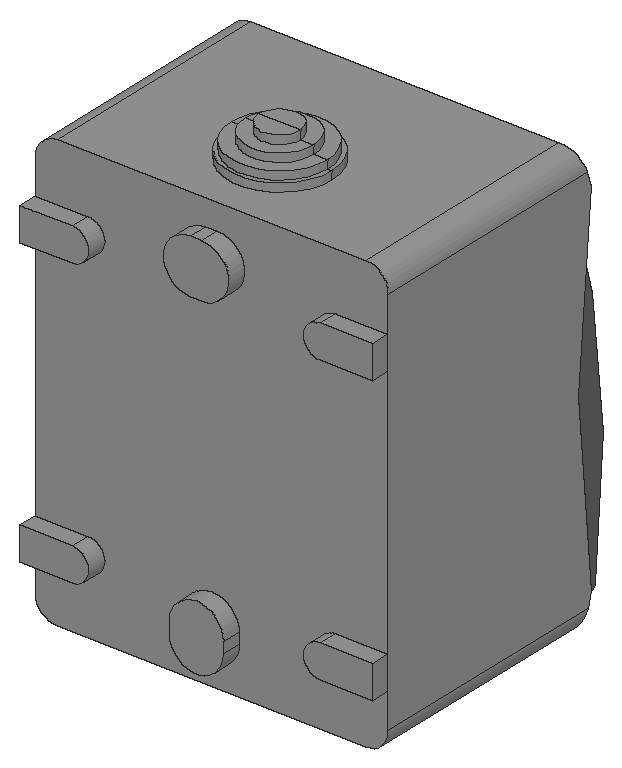
Revit family "IEK_Выключатель_ОткрытойУстановки_С Инд 10А одноклавишный IP54_ФОРС", category Выключатели, Revit 2019
Family settings
  Сохранять ориентацию аннотаций = Да
  Размер круглого соединителя = Использовать диаметр
  Тип детали = Переключатель
  На основе рабочей плоскости = Нет
  Всегда вертикально = Да
  При загрузке вырезать с полостями = Нет
  Общий = Нет
  Точка расчета площади = Нет
Parameters (values of type "ВС20-1-1-ФСр")
  Ширина = 65 mm  # constant formula
  Тип монтажа = "Поверхность монтажа (открытая установка)"  # constant formula
  Степень защиты = "IP54"  # constant formula
  Материал крышки = RAL 9004
  Изготовитель = "IEK"  # constant formula
  Дата изменения = ""
  Глубина = 55 mm  # constant formula
  Высота = 92 mm  # constant formula
  ΔХ [instance] = 2000 mm
  ΔY [instance] = 2000 mm
  KSI_CPr_Строительные изделия = "20.4.01"  # constant formula
  KSI_CMa_Строительные материалы = "01.7.14.03"  # constant formula
  IEK_Цена за единицу = 429.28
  IEK_Поиск в таблице имен = ""
  IEK_Описание = "Выключатели и розетки серии «ФОРС» IP54 для открытой установки предназначены для помещений с повышенной влажностью и запыленностью: подвалов, гаражей, мастерских. Дизайн розеток и выключателей данной серии идеально впишется в интерьер промышленных предприятий."
  IEK_URL = "https://www.iek.ru/products/catalog/izdeliya_elektroustanovochnye_udliniteli_i_silovye_razemy/elektroustanovochnye_izdeliya/elektroustanovochnye_izdeliya_otkrytogo_montazha_ip44_ip54/elektroustanovochnye_izdeliya_fors/vyklyuchatel_1_klavishnyy_dlya_otkrytoy_ustanovki_s_indikatsiey_vs20_1_1_fsr_fors_ip54_iek"
  ADSK_Ток [instance] = 10 A  # constant formula
  ADSK_Примечание = ""
  ADSK_Полная мощность [instance] = ADSK_Номинальная мощность / ADSK_Коэффициент мощности  # 2200 VA
  ADSK_Позиция [instance] = ""
  ADSK_Номинальная мощность [instance] = ADSK_Ток * ADSK_Напряжение * sqrt(ADSK_Количество фаз числовое) * ADSK_Коэффициент мощности  # 2200 W
  ADSK_Напряжение = 220 V
  ADSK_Наименование = "Выключатель 1-клавишный для открытой установки с индикацией ВС20-1-1-ФСр ФОРС IP54 IEK"
  ADSK_Материал обозначение = ""
  ADSK_Материал наименование = "Пластик"  # constant formula
  ADSK_Материал = Окраска - RAL 7035
  ADSK_Масса = 0.09
  ADSK_Марка = "ФОРС"  # constant formula
  ADSK_Коэффициент мощности [instance] = 1  # constant formula
  ADSK_Количество фаз числовое = 1
  ADSK_Количество фаз = 1
  ADSK_Код изделия = "EVS11-K03-10-54-DC"
  ADSK_Классификация нагрузок [instance] = Прочее
  ADSK_Завод-изготовитель = "IEK"  # constant formula
  ADSK_Единица измерения = "шт"  # constant formula
  ADSK_Группирование = "III ЭЛЕКТРОУСТАНОВОЧНЫЕ И ЭЛЕКТРОМОНТАЖНЫЕ ИЗДЕЛИЯ"  # constant formula
  ADSK_Версия семейства = "1.0"  # constant formula
  ADSK_Версия Revit = "2019"  # constant formula
  ADSK_URL страницы изделия = "https://www.iek.ru/products/catalog/izdeliya_elektroustanovochnye_udliniteli_i_silovye_razemy/elektroustanovochnye_izdeliya/elektroustanovochnye_izdeliya_otkrytogo_montazha_ip44_ip54/elektroustanovochnye_izdeliya_fors/"
Reference planes
  plane 1 "По центру (Вперед/Назад)": y = 0
  plane 2: z = 0
  plane 3 "По центру (Влево/Вправо)": x = 0
  plane 4 "Высота ножек": z = 280
  plane 5 "Высота": z = 2081.496
  plane 6: x = -2000
  plane 7: y = 2000
  plane 8: z = 46
Forms (mm)
  Extrusion 1, solid, detail levels coarse
    sketch origin (5.5, 24, 0) x (1, 0, 0) y (0, 1, 0)
      loop
        line (-38, -24) -> (27, -24) -> (27, 31) -> (-38, 31) -> (-38, -24)
    from 0 to 92
  Extrusion 2, solid, detail levels medium
    sketch origin (-5.5, 24, 0) x (1, 0, 0) y (0, 1, 0)
      loop
        line (-27, 31) -> (-27, -24) -> (38, -24) -> (38, 31) -> (-27, 31)
    from 0 to 92
  Extrusion 3, solid, material "Окраска - RAL 7035" <- "ADSK_Материал", detail levels fine
    sketch origin (0, 0, 45.5) x (1, 0, 0) y (0, 0, -1)
      loop
        line (-32, 35.5) -> (-32, -35.45)
        arc (-32, -35.45) -> (-30.814, -38.314) -> (-27.95, -39.5) r 4.05
        line (-27.95, -39.5) -> (28, -39.5)
        arc (28, -39.5) -> (30.828, -38.328) -> (32, -35.5) r 4
        line (32, -35.5) -> (32, 35.5)
        arc (32, 35.5) -> (30.828, 38.328) -> (28, 39.5) r 4
        line (28, 39.5) -> (-28, 39.5)
        arc (-28, 39.5) -> (-30.828, 38.328) -> (-32, 35.5) r 4
    from 3.5 to 50.392
  Extrusion 4, void
    sketch origin (0, 0, 32.4) x (1, 0, 0) y (0, 0, -1)
      loop
        line (-30.2, 22.4) -> (-30.2, -48.6)
        arc (-30.2, -48.6) -> (-29.556, -50.156) -> (-28, -50.8) r 2.2
        line (-28, -50.8) -> (28, -50.8)
        arc (28, -50.8) -> (29.556, -50.156) -> (30.2, -48.6) r 2.2
        line (30.2, -48.6) -> (30.2, 22.4)
        arc (30.2, 22.4) -> (29.556, 23.956) -> (28, 24.6) r 2.2
        line (28, 24.6) -> (-28, 24.6)
        arc (-28, 24.6) -> (-29.556, 23.956) -> (-30.2, 22.4) r 2.2
    from 39.3 to 50.392
  Extrusion 5, solid, material "Окраска - RAL 7035" <- "ADSK_Материал", detail levels fine
    sketch origin (0, 0, 45.5) x (1, 0, 0) y (0, 0, -1)
      loop
        line (-32, 23) -> (-22.5, 23)
        arc (-22.5, 23) -> (-19.5, 26) -> (-22.5, 29) r 3
        line (-22.5, 29) -> (-32, 29) -> (-32, 23)
      loop
        line (32, 23) -> (32, 29) -> (22.5, 29)
        arc (22.5, 29) -> (19.5, 26) -> (22.5, 23) r 3
        line (22.5, 23) -> (32, 23)
      loop
        line (-32, -23) -> (-32, -29) -> (-22.5, -29)
        arc (-22.5, -29) -> (-19.5, -26) -> (-22.5, -23) r 3
        line (-22.5, -23) -> (-32, -23)
      loop
        line (32, -23) -> (22.5, -23)
        arc (22.5, -23) -> (19.5, -26) -> (22.5, -29) r 3
        line (22.5, -29) -> (32, -29) -> (32, -23)
      loop
        arc (1, -34.9) -> (5.9, -30) -> (1, -25.1) r 4.9
        line (1, -25.1) -> (-1, -25.1)
        arc (-1, -25.1) -> (-5.9, -30) -> (-1, -34.9) r 4.9
        line (-1, -34.9) -> (1, -34.9)
      loop
        line (-4.9, 31) -> (-4.9, 29)
        arc (-4.9, 29) -> (0, 24.1) -> (4.9, 29) r 4.9
        line (4.9, 29) -> (4.9, 31)
        arc (4.9, 31) -> (0, 35.9) -> (-4.9, 31) r 4.9
    from 0 to 3.5
  Revolve 6, solid, material "Окраска - RAL 7035" <- "ADSK_Материал", detail levels fine
    sketch origin (0, 18.905, 4617.5) x (-1, 0, 0) y (0, 0, 1)
      loop
        line (0, -4526.5) -> (0, -4532.5) -> (9.541, -4532.5) -> (9.541, -4531) -> (8.75, -4531) -> (8.75, -4529.5) -> (6.25, -4529.5) -> (6.25, -4528) -> (3.75, -4528) -> (3.75, -4526.5) -> (0, -4526.5)
      loop
        line (0, -4617.5) -> (3.75, -4617.5) -> (3.75, -4616) -> (6.25, -4616) -> (6.25, -4614.5) -> (8.75, -4614.5) -> (8.75, -4613) -> (9.541, -4613) -> (9.541, -4611.5) -> (0, -4611.5) -> (0, -4617.5)
      axis (0, -4617.5) -> (0, -4526.5)
    angle from 0 to 360
  Extrusion 7, void
    sketch origin (0, 0, 45.5) x (0, 0, -1) y (0, 1, 0)
      loop
        line (39.5, 47.287) -> (39.5, 51.998) -> (-39.5, 51.998) -> (-39.5, 47.287) -> (-33.021, 49.493)
        arc (-33.021, 49.493) -> (0.067, 46.452) -> (33.15, 49.537) r 180.205
        arc (33.15, 49.537) -> (36.341, 48.456) -> (39.5, 47.287) r 121.61
    from -32 to 32
  Extrusion 8, solid, material "RAL 9004" <- "Материал крышки", detail levels fine
    sketch origin (0, 0, -54.575) x (0, 0, -1) y (0, 1, 0)
      loop
        line (-136.6, 39.3) -> (-63.59, 39.3) -> (-63.59, 46.629) -> (-64.398, 53.299)
        arc (-64.398, 53.299) -> (-64.651, 53.912) -> (-65.264, 54.166) r 0.867
        arc (-65.264, 54.166) -> (-101.053, 55.2) -> (-135.915, 47.044) r 138.769
        arc (-135.915, 47.044) -> (-136.396, 46.68) -> (-136.6, 46.112) r 1.059
        line (-136.6, 46.112) -> (-136.6, 39.3)
    from -29 to 29
  Extrusion 9, solid, material "Стекло красное", detail levels fine
    sketch origin (-0.148, 3.59, 24.352) x (1, 0, 0) y (0, 0.207912, -0.978148)
      loop
        arc (-4.861, -30.336) -> (-7.983, -33.459) -> (-4.861, -36.581) r 3.122
        line (-4.861, -36.581) -> (5.157, -36.581)
        arc (5.157, -36.581) -> (8.28, -33.459) -> (5.157, -30.336) r 3.122
        line (5.157, -30.336) -> (-4.861, -30.336)
    from 53.998 to 55.96
Cuts and joins
  Extrusion 4, Extrusion 7 cuts Extrusion 3
Lines and regions (mm)
  reference lines
    curve 1: line (0, 44.647, 0) -> (0, -55.353, 0)
    curve 2: line (-23.829, 0, 0) -> (76.171, 0, 0)
Dimensions and locks
  locked: plane 4 "Высота ножек" to plane 2 at 280
  plane 5 "Высота" to plane 4 "Высота ножек" = 1801.496 mm
  "ΔХ": plane 6 to curve 1
  "ΔY": plane 7 to curve 2
  aligned and locked: level to plane 2
  aligned and locked: curve 2 to nested 1
  aligned and locked: nested 1 to curve 1
Automatic sketch dimensions
  plane 1 "По центру (Вперед/Назад)" to Extrusion 1 sketch curve = 0 mm
  Extrusion 1 sketch curve to plane 3 "По центру (Влево/Вправо)" = 32.5 mm
  plane 3 "По центру (Влево/Вправо)" to Extrusion 1 sketch curve = 32.5 mm
  Extrusion 1 sketch curve to Extrusion 1 sketch curve = 55 mm
  plane 1 "По центру (Вперед/Назад)" to Extrusion 2 sketch curve = 0 mm
  Extrusion 2 sketch curve to plane 3 "По центру (Влево/Вправо)" = 32.5 mm
  plane 3 "По центру (Влево/Вправо)" to Extrusion 2 sketch curve = 32.5 mm
  Extrusion 2 sketch curve to Extrusion 2 sketch curve = 55 mm
  level to Extrusion 3 sketch curve = 10 mm  (x2)
  Extrusion 3 sketch curve to plane 3 "По центру (Влево/Вправо)" = 32 mm
  Extrusion 3 sketch curve to Extrusion 3 sketch curve = 4 mm
  Extrusion 3 sketch curve to Extrusion 3 sketch curve = 4.05 mm
  plane 3 "По центру (Влево/Вправо)" to Extrusion 3 sketch curve = 28 mm  (x2)
  Extrusion 3 sketch curve to plane 8 = 34.95 mm
  level to Extrusion 4 sketch curve = 10 mm  (x2)
  Extrusion 4 sketch curve to plane 3 "По центру (Влево/Вправо)" = 30.2 mm
  Extrusion 4 sketch curve to Extrusion 4 sketch curve = 2.2 mm  (x2)
  plane 3 "По центру (Влево/Вправо)" to Extrusion 4 sketch curve = 28 mm  (x2)
  Extrusion 4 sketch curve to plane 8 = 35 mm
  Extrusion 5 sketch curve to plane 3 "По центру (Влево/Вправо)" = 0 mm
  Extrusion 5 sketch curve to plane 3 "По центру (Влево/Вправо)" = 1 mm
  Extrusion 5 sketch curve to plane 3 "По центру (Влево/Вправо)" = 4.9 mm
  Extrusion 5 sketch curve to Extrusion 5 sketch curve = 21.5 mm  (x2)
  Extrusion 5 sketch curve to Extrusion 5 sketch curve = 17.6 mm  (x2)
  Extrusion 5 sketch curve to Extrusion 5 sketch curve = 9.5 mm  (x4)
  plane 3 "По центру (Влево/Вправо)" to Extrusion 5 sketch curve = 1 mm
  Extrusion 5 sketch curve to plane 8 = 34.4 mm
  Extrusion 5 sketch curve to Extrusion 5 sketch curve = 4.9 mm
  Extrusion 5 sketch curve to Extrusion 5 sketch curve = 1 mm
  Extrusion 5 sketch curve to plane 8 = 28.5 mm
  Extrusion 5 sketch curve to Extrusion 5 sketch curve = 3 mm  (x4)
  level to Extrusion 5 sketch curve = 22.5 mm  (x2)
  level to Extrusion 5 sketch curve = 16.5 mm
  Extrusion 5 sketch curve to Extrusion 5 sketch curve = 2 mm
  Revolve 6 sketch curve to plane 3 "По центру (Влево/Вправо)" = 0 mm  (x3)
  Revolve 6 sketch curve to level = 0 mm
  Revolve 6 sketch curve to plane 3 "По центру (Влево/Вправо)" = 3.75 mm  (x2)
  level to Revolve 6 sketch curve = 1.5 mm
  Revolve 6 sketch curve to Revolve 6 sketch curve = 2.5 mm  (x4)
  Revolve 6 sketch curve to Revolve 6 sketch curve = 0.791 mm  (x2)
  Revolve 6 sketch curve to Revolve 6 sketch curve = 1.5 mm  (x6)
  Revolve 6 sketch curve to Revolve 6 sketch curve = 4.5 mm
  Revolve 6 sketch curve to plane 8 = 39 mm
  Revolve 6 sketch curve to level = 1478.5 mm
  Revolve 6 sketch curve to plane 5 "Высота" = 511.996 mm
  Extrusion 7 sketch curve to plane 8 = 39 mm
  Extrusion 7 sketch curve to Extrusion 7 sketch curve = 6.479 mm
  Extrusion 7 sketch curve to plane 8 = 3.778 mm
  plane 8 to Extrusion 7 sketch curve = 0.446 mm
  level to Extrusion 7 sketch curve = 6 mm
  plane 1 "По центру (Вперед/Назад)" to Extrusion 7 sketch curve = 66.17 mm
  Extrusion 7 sketch curve to plane 1 "По центру (Вперед/Назад)" = 47.287 mm  (x2)
  Extrusion 7 sketch curve to Extrusion 7 sketch curve = 2.206 mm
  Extrusion 7 sketch curve to Extrusion 7 sketch curve = 4.711 mm
  Extrusion 7 sketch curve to Extrusion 7 sketch curve = 174.659 mm
  Extrusion 8 sketch curve to plane 8 = 36.025 mm
  Extrusion 8 sketch curve to Extrusion 8 sketch curve = 1.058 mm
  plane 8 to Extrusion 8 sketch curve = 13.441 mm
  level to Extrusion 8 sketch curve = 10.689 mm
  Extrusion 8 sketch curve to Extrusion 8 sketch curve = 0.867 mm
  Extrusion 8 sketch curve to Extrusion 8 sketch curve = 0.808 mm
  plane 1 "По центру (Вперед/Назад)" to Extrusion 8 sketch curve = 82.869 mm
  Extrusion 8 sketch curve to plane 1 "По центру (Вперед/Назад)" = 39.3 mm
  Extrusion 8 sketch curve to Extrusion 8 sketch curve = 6.752 mm
  Extrusion 8 sketch curve to Extrusion 8 sketch curve = 0.061 mm
  Extrusion 8 sketch curve to Extrusion 8 sketch curve = 7.329 mm
  Extrusion 8 sketch curve to Extrusion 8 sketch curve = 6.67 mm
  Extrusion 9 sketch curve to plane 3 "По центру (Влево/Вправо)" = 5.009 mm
  plane 3 "По центру (Влево/Вправо)" to Extrusion 9 sketch curve = 5.009 mm
  Extrusion 9 sketch curve to Extrusion 9 sketch curve = 3.122 mm
  curve 2 to plane 3 "По центру (Влево/Вправо)" = 23.829 mm
  plane 3 "По центру (Влево/Вправо)" to curve 2 = 76.171 mm
  plane 1 "По центру (Вперед/Назад)" to curve 1 = 55.353 mm
  curve 1 to plane 1 "По центру (Вперед/Назад)" = 44.647 mm
Nested families
  nested 1: "УГО Выключателя" at (0, 0, 0), type "1K-O", detail levels coarse+medium
    with IP44 yes
Connectors
  electrical at (0, 0, 46), driven by "ADSK_Количество фаз", driven by "ADSK_Классификация нагрузок", driven by "ADSK_Напряжение", driven by "ADSK_Полная мощность", driven by "ADSK_Коэффициент мощности"
    settings: on Extrusion 1, index 1, voltage 220 V, apparent load 0 VA, apparent load phase1 2200 VA, apparent load phase2 0 VA, apparent load phase3 0 VA, power factor 1, load classification "Прочее", number of poles 1, system type 31, power factor state 1, is connector primary yes, connector utility no, sub classification motor no, connector description ""
Definition of nested family "УГО Выключателя"
  Parameters (values of type "3K-O")
    IP44 [instance] = no
    3K-C = no
    2K-C = no
    1K-C = no
    3K-O = yes
    2K-O = no
    1K-O = no
  Types (6, lengths in mm): name | 3K-C | 2K-C | 1K-C | 3K-O | 2K-O | 1K-O
    2K-O | no | no | no | no | yes | no
    3K-O | no | no | no | yes | no | no
    2K-C | no | yes | no | no | no | no
    1K-O | no | no | no | no | no | yes
    1K-C | no | no | yes | no | no | no
    3K-C | yes | no | no | no | no | no
  Reference planes
    plane 1: y = 0
    plane 2: x = 0
  Lines and regions (mm)
    Filled region 1, type "Цветовая область 1", visible <- "IP44", not visible
      outline origin (0, 0, 0) x (1, 0, 0) y (0, 1, 0)
        loop
          circle (0, 2.214) r 0.994
    Filled region 2, type "Цветовая область 1", visible <- "IP44", not visible
      outline origin (-1.562, 0, 0) x (1, 0, 0) y (0, 1, 0)
        loop
          circle (11.009, 9.276) r 0.994
    Filled region 3, type "Цветовая область 1", visible <- "IP44", not visible
      outline origin (-1.562, 0, 0) x (1, 0, 0) y (0, 1, 0)
        loop
          circle (23.521, 9.279) r 0.994
    Filled region 4, type "Цветовая область 1", visible <- "IP44", not visible
      outline origin (0, 0, 0) x (1, 0, 0) y (0, 1, 0)
        loop
          circle (28.604, 9.279) r 0.994
    Filled region 5, type "Цветовая область 1", visible <- "IP44", not visible
      outline origin (0, 0, 0) x (1, 0, 0) y (0, 1, 0)
        loop
          circle (32.789, 9.279) r 0.994
    Filled region 6, type "Цветовая область 1", visible <- "IP44"
      outline origin (0, 0, 0) x (1, 0, 0) y (0, 1, 0)
        loop
          circle (0.006, 0.994) r 0.994
    Filled region 7, type "Цветовая область 1", visible <- "IP44"
      outline origin (0, 0, 0) x (1, 0, 0) y (0, 1, 0)
        loop
          circle (0.006, 0.994) r 0.994
    Filled region 8, type "Цветовая область 1", visible <- "IP44"
      outline origin (-1.562, 0, 0) x (1, 0, 0) y (0, 1, 0)
        loop
          circle (1.569, 0.994) r 0.994
    Filled region 9, type "Цветовая область 1", visible <- "IP44"
      outline origin (0, 0, 0) x (1, 0, 0) y (0, 1, 0)
        loop
          circle (0.006, 0.994) r 0.994
    Filled region 10, type "Цветовая область 1", visible <- "IP44", not visible
      outline origin (0, 0, 0) x (1, 0, 0) y (0, 1, 0)
        loop
          circle (15.057, 15.33) r 0.994
    Filled region 11, type "Цветовая область 1", visible <- "IP44"
      outline origin (-1.562, 0, 0) x (1, 0, 0) y (0, 1, 0)
        loop
          circle (1.569, 0.994) r 0.994
    Filled region 12, type "Цветовая область 1", visible <- "IP44"
      outline origin (0, 0, 0) x (1, 0, 0) y (0, 1, 0)
        loop
          circle (0.006, 0.994) r 0.994
    detail lines, visible <- "3K-O", not visible
      curve 1: line (0.86, 2.711, 0) -> (3.031, 3.964, 0)
      curve 2: line (0.639, 2.975, 0) -> (2.25, 4.895, 0)
      curve 3: line (0.323, 3.154, 0) -> (1.139, 5.524, 0)
      curve 4: circle (0, 2.214, 0) r 0.994 normal (0, 0, 1)
      curve 5: line (3.031, 3.964, 0) -> (3.431, 3.272, 0)
      curve 6: line (2.25, 4.895, 0) -> (2.863, 4.381, 0)
      curve 7: line (1.139, 5.524, 0) -> (1.896, 5.263, 0)
    detail lines, visible <- "2K-O", not visible
      curve 8: line (10.196, 9.928, 0) -> (12.088, 11.572, 0)
      curve 9: line (9.928, 10.145, 0) -> (11.143, 12.337, 0)
      curve 10: circle (9.446, 9.276, 0) r 0.994 normal (0, 0, 1)
      curve 11: line (12.088, 11.572, 0) -> (12.613, 10.968, 0)
      curve 12: line (11.143, 12.337, 0) -> (11.843, 11.949, 0)
    detail lines, visible <- "1K-O", not visible
      curve 13: line (15.627, 16.144, 0) -> (17.201, 18.393, 0)
      curve 14: circle (15.057, 15.33, 0) r 0.994 normal (0, 0, 1)
      curve 15: line (17.201, 18.393, 0) -> (17.857, 17.934, 0)
    detail lines, visible <- "3K-C", not visible
      curve 16: line (22.819, 9.775, 0) -> (24.99, 11.029, 0)
      curve 17: line (22.597, 10.04, 0) -> (24.208, 11.96, 0)
      curve 18: line (22.282, 10.218, 0) -> (23.098, 12.588, 0)
      curve 19: circle (21.958, 9.279, 0) r 0.994 normal (0, 0, 1)
      curve 20: line (24.765, 11.418, 0) -> (25.215, 10.639, 0)
      curve 21: line (23.863, 12.249, 0) -> (24.553, 11.67, 0)
      curve 22: line (22.672, 12.734, 0) -> (23.523, 12.441, 0)
    detail lines, visible <- "2K-C", not visible
      curve 23: line (29.354, 9.93, 0) -> (31.246, 11.575, 0)
      curve 24: line (29.086, 10.148, 0) -> (30.301, 12.34, 0)
      curve 25: circle (28.604, 9.279, 0) r 0.994 normal (0, 0, 1)
      curve 26: line (30.951, 11.914, 0) -> (31.541, 11.235, 0)
      curve 27: line (29.908, 12.558, 0) -> (30.695, 12.122, 0)
    detail lines, visible <- "1K-C", not visible
      curve 28: line (33.359, 10.092, 0) -> (34.797, 12.146, 0)
      curve 29: circle (32.789, 9.279, 0) r 0.994 normal (0, 0, 1)
      curve 30: line (34.428, 12.404, 0) -> (35.165, 11.887, 0)
    detail lines
      curve 31: line (0.006, 0, 0) -> (0.006, 2.454, 0)
      curve 32: line (0.006, 0, 0) -> (2.217, 0, 0)
    detail lines, visible <- "1K-C"
      curve 33: line (0.576, 1.808, 0) -> (2.014, 3.861, 0)
      curve 34: circle (0.006, 0.994, 0) r 0.994 normal (0, 0, 1)
      curve 35: line (1.645, 4.119, 0) -> (2.383, 3.603, 0)
    detail lines, visible <- "2K-C"
      curve 36: line (0.756, 1.645, 0) -> (2.648, 3.29, 0)
      curve 37: line (0.488, 1.863, 0) -> (1.703, 4.055, 0)
      curve 38: circle (0.006, 0.994, 0) r 0.994 normal (0, 0, 1)
      curve 39: line (2.353, 3.629, 0) -> (2.943, 2.95, 0)
      curve 40: line (1.31, 4.273, 0) -> (2.097, 3.837, 0)
    detail lines, visible <- "3K-C"
      curve 41: line (0.867, 1.49, 0) -> (3.037, 2.744, 0)
      curve 42: line (0.645, 1.755, 0) -> (2.256, 3.675, 0)
      curve 43: line (0.33, 1.933, 0) -> (1.146, 4.303, 0)
      curve 44: circle (0.006, 0.994, 0) r 0.994 normal (0, 0, 1)
      curve 45: line (2.812, 3.133, 0) -> (3.262, 2.354, 0)
      curve 46: line (1.911, 3.964, 0) -> (2.601, 3.386, 0)
      curve 47: line (0.72, 4.449, 0) -> (1.571, 4.156, 0)
    detail lines, visible <- "1K-O"
      curve 48: line (0.576, 1.808, 0) -> (2.151, 4.056, 0)
      curve 49: circle (0.006, 0.994, 0) r 0.994 normal (0, 0, 1)
      curve 50: line (2.151, 4.056, 0) -> (2.806, 3.597, 0)
    detail lines, visible <- "2K-O"
      curve 51: line (0.756, 1.645, 0) -> (2.648, 3.29, 0)
      curve 52: line (0.488, 1.863, 0) -> (1.703, 4.055, 0)
      curve 53: circle (0.006, 0.994, 0) r 0.994 normal (0, 0, 1)
      curve 54: line (2.648, 3.29, 0) -> (3.173, 2.686, 0)
      curve 55: line (1.703, 4.055, 0) -> (2.403, 3.667, 0)
    detail lines, visible <- "3K-O"
      curve 56: line (0.867, 1.49, 0) -> (3.037, 2.744, 0)
      curve 57: line (0.645, 1.755, 0) -> (2.256, 3.675, 0)
      curve 58: line (0.33, 1.933, 0) -> (1.146, 4.303, 0)
      curve 59: circle (0.006, 0.994, 0) r 0.994 normal (0, 0, 1)
      curve 60: line (3.037, 2.744, 0) -> (3.437, 2.051, 0)
      curve 61: line (2.256, 3.675, 0) -> (2.869, 3.161, 0)
      curve 62: line (1.146, 4.303, 0) -> (1.902, 4.042, 0)
